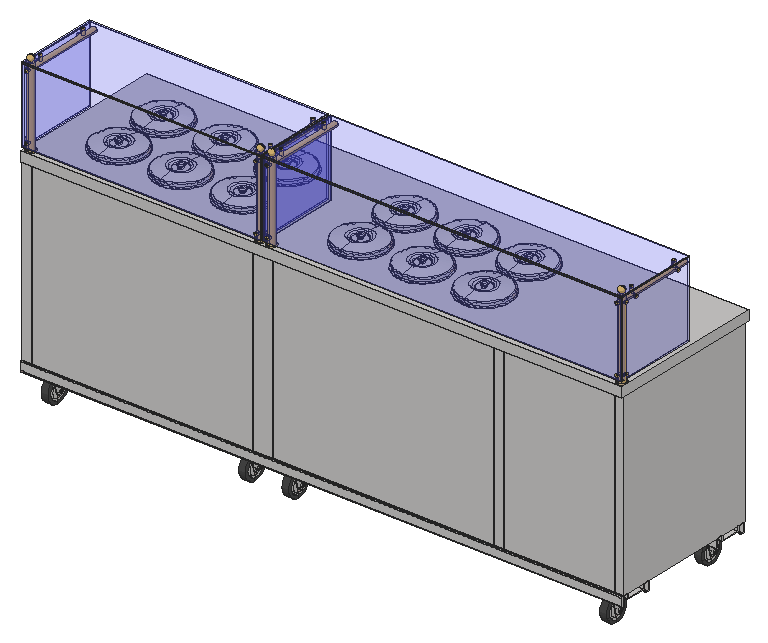
Revit family "Food-Service-Equipment_Oscartek_Pozzetti_PS12", category Specialty Equipment, Revit 2026 (continued)
Definition of nested family "Glass"
  Definition of nested family "Post"
    Automatic sketch dimensions
      curve 4 to curve 6 = 0.00"  (x2)
      curve 4 to curve 7 = 0.00"  (x2)
      curve 5 to curve 6 = 0.00"  (x2)
      curve 5 to curve 7 = 0.00"  (x2)
      curve 6 to curve 7 = 0.00"  (x2)
      curve 21 to plane 3 "LEFT" = 0.00"
      curve 14 to plane 3 "LEFT" = 0.00"
      plane 1 "BACK" to curve 3 = 0.00"
      plane 5 "FRONT" to curve 9 = 0.00"
      curve 5 to plane 7 "Center Y" = 0.00"
      curve 12 to plane 7 "Center Y" = 0.00"
      curve 13 to plane 7 "Center Y" = 0.00"
      curve 20 to curve 19 = 0.08677"
      plane 3 "LEFT" to curve 15 = 0.08677"
      plane 3 "LEFT" to curve 3 = 0.35"
      curve 9 to plane 7 "Center Y" = 0.22807"
      plane 7 "Center Y" to curve 11 = 0.22807"
      plane 4 "RIGHT" to curve 2 = 0.35"
      curve 8 to plane 5 "FRONT" = 0.08677"
      curve 8 to curve 6 = 0.96338"
      curve 4 to curve 16 = 1.73651"
      curve 15 to curve 12 = 0.22807"
      curve 15 to curve 15 = 0.45614"
      plane 1 "BACK" to curve 19 = 2.52584"
      curve 19 to curve 13 = 0.22807"
      curve 19 to curve 18 = 0.45614"
      curve 4 to plane 5 "FRONT" = 0.30014"
      curve 4 to curve 7 = 0.25"
      Extrusion 1 sketch curve to plane 7 "Center Y" = 0.00"
      Extrusion 1 sketch curve to plane 5 "FRONT" = 1.05014"
      Extrusion 3 sketch curve to plane 7 "Center Y" = 0.00"
      Extrusion 3 sketch curve to plane 6 "TOP" = 2.02082"
      Extrusion 6 sketch curve to plane 7 "Center Y" = 0.00"
      Extrusion 6 sketch curve to plane 5 "FRONT" = 1.05014"
      Revolve 2 sketch curve to plane 7 "Center Y" = 0.00"  (x2)
      Revolve 2 sketch curve to plane 6 "TOP" = 0.00"  (x2)
      Revolve 2 sketch curve to plane 7 "Center Y" = 0.02269"
      Revolve 2 sketch curve to plane 6 "TOP" = 0.45592"
      Revolve 2 sketch curve to plane 7 "Center Y" = 0.15"
      Revolve 2 sketch curve to Revolve 2 sketch curve = 0.2462"
      Revolve 2 sketch curve to Revolve 2 sketch curve = 0.25"
      Revolve 8 sketch curve to plane 10 = 0.00"
      plane 1 "BACK" to Revolve 8 sketch curve = 2.0697"
      Revolve 8 sketch curve to Revolve 8 sketch curve = 0.00"  (x2)
      Revolve 8 sketch curve to Revolve 8 sketch curve = 0.11404"  (x2)
      plane 10 to Revolve 8 sketch curve = 0.08677"
      Revolve 8 sketch curve to plane 9 = 0.72816"
      Revolve 8 sketch curve to plane 9 = 0.26297"
      Revolve 8 sketch curve to Revolve 8 sketch curve = 0.01099"
      Revolve 8 sketch curve to plane 9 = 0.00"
      Revolve 7 sketch curve to plane 10 = 0.00"
      plane 10 to Revolve 7 sketch curve = 0.08677"
      Revolve 7 sketch curve to plane 5 "FRONT" = 3.2428"
      Revolve 7 sketch curve to Revolve 7 sketch curve = 0.00"  (x2)
      Revolve 7 sketch curve to Revolve 7 sketch curve = 0.22807"
      Revolve 7 sketch curve to plane 9 = 0.72816"
      Revolve 7 sketch curve to Revolve 7 sketch curve = 0.11404"
      Revolve 7 sketch curve to plane 9 = 0.0038"
      Revolve 7 sketch curve to Revolve 7 sketch curve = 0.59594"
      Revolve 7 sketch curve to Revolve 7 sketch curve = 0.01099"
      Revolve 10 sketch curve to plane 7 "Center Y" = 0.11834"
      plane 1 "BACK" to Revolve 10 sketch curve = 2.29777"
      Revolve 10 sketch curve to Revolve 10 sketch curve = 0.22807"  (x2)
      Revolve 10 sketch curve to Revolve 10 sketch curve = 0.24192"
      Revolve 10 sketch curve to Revolve 10 sketch curve = 0.00"
      plane 7 "Center Y" to Revolve 10 sketch curve = 0.2053"
      Revolve 10 sketch curve to Revolve 10 sketch curve = 0.13057"
      Revolve 10 sketch curve to plane 3 "LEFT" = 0.00"
      Revolve 10 sketch curve to Revolve 10 sketch curve = 0.11404"
      Revolve 10 sketch curve to plane 3 "LEFT" = 0.09485"
      Revolve 9 sketch curve to plane 3 "LEFT" = 0.00"
      Revolve 9 sketch curve to plane 7 "Center Y" = 0.11834"
      Revolve 9 sketch curve to plane 5 "FRONT" = 3.01473"
      Revolve 9 sketch curve to Revolve 9 sketch curve = 0.22807"
      Revolve 9 sketch curve to Revolve 9 sketch curve = 0.24192"
      Revolve 9 sketch curve to Revolve 9 sketch curve = 0.00"
      Revolve 9 sketch curve to Revolve 9 sketch curve = 0.10548"
      plane 7 "Center Y" to Revolve 9 sketch curve = 0.2053"
      Revolve 9 sketch curve to Revolve 9 sketch curve = 0.13057"
      Revolve 9 sketch curve to Revolve 9 sketch curve = 0.12259"
      Revolve 9 sketch curve to plane 3 "LEFT" = 0.09485"
      Revolve 4 sketch curve to plane 5 "FRONT" = 0.00"
      Revolve 4 sketch curve to plane 5 "FRONT" = 0.08677"
      Revolve 4 sketch curve to plane 9 = 0.65226"
      Revolve 4 sketch curve to Revolve 4 sketch curve = 0.00"  (x2)
      Revolve 4 sketch curve to Revolve 4 sketch curve = 0.11404"  (x2)
      Revolve 4 sketch curve to Revolve 4 sketch curve = 0.25"
      Revolve 4 sketch curve to Revolve 4 sketch curve = 0.72651"
      Revolve 4 sketch curve to Revolve 4 sketch curve = 0.13057"
      Revolve 4 sketch curve to Revolve 4 sketch curve = 0.32364"
      Revolve 11 sketch curve to plane 3 "LEFT" = 0.00"
      Revolve 11 sketch curve to plane 7 "Center Y" = 0.11834"
      Revolve 11 sketch curve to plane 5 "FRONT" = 1.05014"
      Revolve 11 sketch curve to Revolve 11 sketch curve = 0.22807"  (x2)
      Revolve 11 sketch curve to Revolve 11 sketch curve = 0.24192"
      Revolve 11 sketch curve to Revolve 11 sketch curve = 0.00"
      Revolve 11 sketch curve to Revolve 11 sketch curve = 0.11404"
      plane 7 "Center Y" to Revolve 11 sketch curve = 0.2053"
      Revolve 11 sketch curve to Revolve 11 sketch curve = 0.13057"
      Revolve 11 sketch curve to plane 3 "LEFT" = 0.09485"
      Revolve 12 sketch curve to plane 3 "LEFT" = 0.00"
      Revolve 12 sketch curve to plane 7 "Center Y" = 0.11834"
      Revolve 12 sketch curve to plane 5 "FRONT" = 1.05014"
      Revolve 12 sketch curve to Revolve 12 sketch curve = 0.22807"  (x2)
      Revolve 12 sketch curve to Revolve 12 sketch curve = 0.00"
      plane 7 "Center Y" to Revolve 12 sketch curve = 0.2053"
      Revolve 12 sketch curve to Revolve 12 sketch curve = 0.13057"
      Revolve 12 sketch curve to plane 3 "LEFT" = 0.09485"
      Revolve 12 sketch curve to Revolve 12 sketch curve = 0.11404"
      Revolve 12 sketch curve to Revolve 12 sketch curve = 0.24192"
      Revolve 5 sketch curve to plane 5 "FRONT" = 0.00"
      Revolve 5 sketch curve to plane 5 "FRONT" = 0.08677"
      level to Revolve 5 sketch curve = 1.56607"
      Revolve 5 sketch curve to Revolve 5 sketch curve = 0.00"  (x2)
      Revolve 5 sketch curve to Revolve 5 sketch curve = 0.11404"  (x2)
      Revolve 5 sketch curve to Revolve 5 sketch curve = 0.25"
      Revolve 5 sketch curve to Revolve 5 sketch curve = 0.72651"
      Revolve 5 sketch curve to Revolve 5 sketch curve = 0.13057"
      Revolve 5 sketch curve to Revolve 5 sketch curve = 0.32364"
      radius of curve 12 = 0.22807"
      radius of curve 13 = 0.22807"
      radius of Extrusion 1 sketch curve = 0.50"
      radius of Extrusion 3 sketch curve = 0.40"
      radius of Extrusion 6 sketch curve = 0.75"
